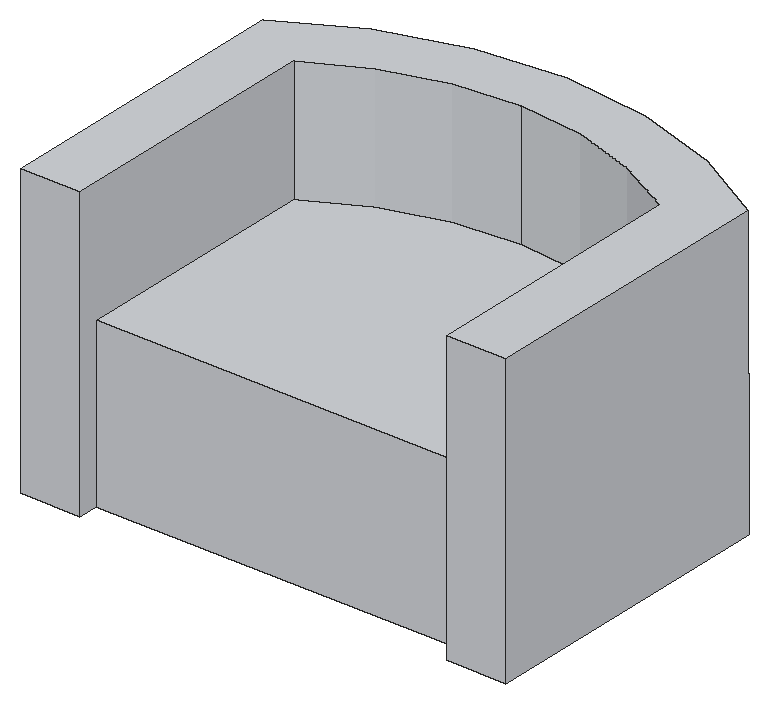
Revit family "АВЛН_Диван", category Мебель, Revit 2019
Family settings
  Номер OmniClass = 23.40.20.00
  Заголовок OmniClass = General Furniture and Specialties
  На основе рабочей плоскости = Нет
  Всегда вертикально = Да
  При загрузке вырезать с полостями = Нет
  Общий = Нет
  Точка расчета площади = Нет
Parameters (values of type "Диван модульный для ожидальной медблока")
  Ширина сиденья = ADSK_Размер_Ширина - 90 mm  # 670 mm
  Стандартный = no
  Круглая спинка = yes
  Описание = "Диван модульный для ожидальной медблока\r\n1220х760х730 мм"
  Type Comments = ""
  Keynote = ""
  Manufacturer = ""
  Группа модели = "Оборудование мед.блока"
  Высота сиденья = 420 mm
  ADSK_Размер_Ширина = 760 mm
  ADSK_Размер_Длина = 1220 mm
  ADSK_Размер_Высота = 730 mm
  ADSK_Обозначение = ""
  ADSK_Масса = 0
  ADSK_Код изделия = ""
  ADSK_Единица измерения = "шт"  # constant formula
Types (6, lengths in mm): name | Ширина сиденья | Стандартный | Круглая спинка | Описание | Manufacturer | Группа модели | Высота сиденья | ADSK_Размер_Ширина | ADSK_Размер_Длина | ADSK_Размер_Высота
  (no name) | 670 | no | yes | "Диван модульный для ожидальной медблока\r\n1220х760х730 мм" | "" | "Оборудование мед.блока" | 420 | 760 | 1220 | 730
  Диван детский полумягкий 1133х425х405мм | 335 | no | yes | "Диван детский полумягкий (1133х425х405)мм" | "Торговая сеть" | "Оборудование основных помещений школы" | 280 | 425 | 1135 | 405
  Диван модульный для рекреаций 1220х760х730 мм | 670 | no | yes | "Диван модульный для рекреаций 1220х760х730 мм" | "Торговая сеть" | "Оборудование основных помещений школы" | 420 | 760 | 1220 | 730
  Диван двухместный для учительской 1320х710х720 | 630 | no | yes | "Диван двухместный для учительской 1320х710х720" | "Торговая сеть" | "Оборудование основных помещений школы" | 420 | 720 | 1320 | 710
  Диван для отдыха 1950х900х830 мм | 810 | yes | no | "Диван для отдыха, 1950х900х830 мм" | "Торговая сеть" | "Оборудование основных помещений школы" | 420 | 900 | 1950 | 830
  Диван модульный для ожидальной медблока | 670 | no | yes | "Диван модульный для ожидальной медблока\r\n1220х760х730 мм" | "" | "Оборудование мед.блока" | 420 | 760 | 1220 | 730
Reference planes
  plane 1 "По центру (Вперед/Назад)": y = 0
  plane 2: z = 0
  plane 3 "По центру (Влево/Вправо)": x = 0
  plane 4: z = 730
  plane 5: y = 380
  plane 6: x = 610
  plane 7: x = -610
  plane 8: y = -380
Forms (mm)
  Extrusion 1, solid, visible <- "Круглая спинка"
    sketch origin (0, -518.993, 592.976) x (-1, 0, 0) y (0, -1, 0)
      loop
        line (610, -138.993) -> (460, -138.993) -> (460, -808.993)
        arc (460, -808.993) -> (240.187, -911.92) -> (0, -946.877) r 830.231
        arc (0, -946.877) -> (-240.187, -911.92) -> (-460, -808.993) r 830.231
        line (-460, -808.993) -> (-460, -138.993) -> (-610, -138.993) -> (-610, -898.993)
        arc (-610, -898.993) -> (-319.758, -1041.734) -> (0, -1090.418) r 1061.229
        arc (0, -1090.418) -> (319.758, -1041.734) -> (610, -898.993) r 1061.229
        line (610, -898.993) -> (610, -138.993)
    from -592.976 to 137.024
  Extrusion 2, solid, visible <- "Круглая спинка"
    sketch origin (0, -518.993, 592.976) x (-1, 0, 0) y (0, -1, 0)
      loop
        line (460, -188.993) -> (-460, -188.993) -> (-460, -808.993)
        arc (-460, -808.993) -> (0, -947.319) -> (460, -808.993) r 834.025
        line (460, -808.993) -> (460, -188.993)
    from -592.976 to -172.976
  Extrusion 3, solid, visible <- "Стандартный"
    sketch origin (0, -518.993, 592.976) x (-1, 0, 0) y (0, -1, 0)
      loop
        line (610, -898.993) -> (610, -748.993) -> (-610, -748.993) -> (-610, -898.993) -> (610, -898.993)
    from -592.976 to 137.024
  Extrusion 4, solid, visible <- "Стандартный"
    sketch origin (0, -518.993, 592.976) x (-1, 0, 0) y (0, -1, 0)
      loop
        line (812.915, -138.993) -> (610, -138.993) -> (610, -748.993) -> (812.915, -748.993) -> (812.915, -138.993)
    from -592.976 to 47.024
  Extrusion 5, solid, visible <- "Стандартный"
    sketch origin (1560, -518.993, 592.976) x (-1, 0, 0) y (0, -1, 0)
      loop
        line (950, -138.993) -> (950, -748.993) -> (1112.085, -748.993) -> (1112.085, -138.993) -> (950, -138.993)
    from -592.976 to 47.024
  Extrusion 6, solid, visible <- "Стандартный"
    sketch origin (0, -518.993, 592.976) x (-1, 0, 0) y (0, -1, 0)
      loop
        line (812.915, -748.993) -> (812.915, -138.993) -> (-447.915, -138.993) -> (-447.915, -748.993) -> (812.915, -748.993)
    from -592.976 to -172.976
Lines and regions (mm)
  symbolic lines, visible <- "Стандартный"
    curve 1: line (-372.223, -380, 592.976) -> (-372.223, 230, 592.976)
    curve 2: line (324.167, -380, 592.976) -> (324.167, 230, 592.976)
Dimensions and locks
  plane 2 to plane 4 = 730 mm
  equal spacing: plane 8, plane 1 "По центру (Вперед/Назад)", plane 5
  equal spacing: plane 7, plane 3 "По центру (Влево/Вправо)", plane 6
  "ADSK_Размер_Длина": plane 7 to plane 6
  "ADSK_Размер_Ширина": plane 5 to plane 8
  "ADSK_Размер_Высота": plane 2 to plane 4
  "ADSK_Размер_Ширина": Extrusion 1 sketch curve to plane 8  (x2)
  locked: Extrusion 1 sketch curve to Extrusion 1 sketch curve at 150  (x2)
  "Ширина сиденья": Extrusion 1 sketch curve to plane 8  (x2)
  "Ширина сиденья": Extrusion 2 sketch curve to plane 8  (x2)
  locked: Extrusion 2 sketch curve to plane 8 at 50
  "Высота сиденья": level to Extrusion 2
  locked: plane 5 to Extrusion 3 sketch curve at 150
  locked: level to Extrusion 4 at 640
  locked: level to Extrusion 5 at 640
  "Высота сиденья": level to Extrusion 6
  aligned and locked: level to plane 2
  aligned and locked: Extrusion 1 sketch curve to plane 8  (x2)
  aligned and locked: Extrusion 1 sketch curve to plane 7
  aligned and locked: Extrusion 1 to level
  aligned and locked: Extrusion 1 to plane 4
  aligned and locked: plane 4 to Extrusion 1
  aligned and locked: level to Extrusion 1
  aligned and locked: Extrusion 2 to level
  aligned and locked: Extrusion 2 to Extrusion 1
  aligned and locked: Extrusion 3 sketch curve to plane 5
  aligned and locked: plane 7 to Extrusion 3 sketch curve
  aligned and locked: Extrusion 3 sketch curve to plane 6
  aligned and locked: Extrusion 3 to level
  aligned and locked: Extrusion 3 to plane 4
  aligned and locked: Extrusion 4 sketch curve to Extrusion 3  (x2)
  aligned and locked: plane 8 to Extrusion 4 sketch curve
  aligned and locked: Extrusion 5 to plane 6
  aligned and locked: Extrusion 5 to Extrusion 3
  aligned and locked: plane 8 to Extrusion 5
  aligned and locked: Extrusion 6 sketch curve to Extrusion 4  (x2)
  aligned and locked: Extrusion 6 sketch curve to Extrusion 5  (x2)
  aligned and locked: Extrusion 6 to level
  aligned and locked: Extrusion 5 to level
  aligned and locked: Extrusion 4 to level
  aligned and locked: Extrusion 6 to curve 2
  aligned and locked: Extrusion 3 to curve 2
  aligned and locked: Extrusion 3 to curve 1
  aligned and locked: Extrusion 6 to curve 1
Automatic sketch dimensions
  plane 8 to Extrusion 5 sketch curve = 0 mm
  Extrusion 5 sketch curve to plane 6 = 0 mm
  Extrusion 5 sketch curve to Extrusion 5 sketch curve = 162.085 mm
  Extrusion 5 sketch curve to plane 5 = 150 mm
  plane 3 "По центру (Влево/Вправо)" to curve 2 = 324.167 mm
  curve 1 to plane 3 "По центру (Влево/Вправо)" = 372.223 mm
  Extrusion 4 sketch curve to plane 7 = 202.915 mm
  Extrusion 1 sketch curve to plane 6 = 0 mm
  Extrusion 1 sketch curve to plane 3 "По центру (Влево/Вправо)" = 0 mm  (x2)
  plane 3 "По центру (Влево/Вправо)" to Extrusion 1 sketch curve = 2.01 mm
  plane 3 "По центру (Влево/Вправо)" to Extrusion 1 sketch curve = 1.806 mm
  Extrusion 1 sketch curve to plane 3 "По центру (Влево/Вправо)" = 1.806 mm
  Extrusion 1 sketch curve to plane 3 "По центру (Влево/Вправо)" = 2.01 mm
  Extrusion 1 sketch curve to plane 8 = 22.346 mm
  Extrusion 1 sketch curve to Extrusion 1 sketch curve = 87.457 mm
  Extrusion 2 sketch curve to plane 3 "По центру (Влево/Вправо)" = 0 mm
  Extrusion 2 sketch curve to plane 6 = 150 mm
  Extrusion 2 sketch curve to plane 8 = 25.699 mm
